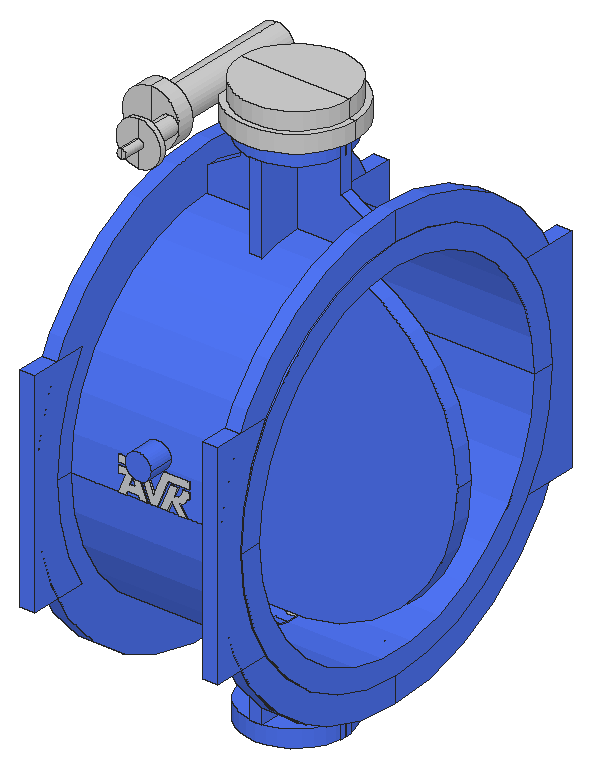
Revit family "756-102-IS5-DN700-800", category Pipe Accessories, Revit 2019
Family settings
  Round Connector Dimension = Use Diameter
  Part Type = Valve - Breaks Into
  Work Plane-Based = No
  Always vertical = Yes
  Cut with Voids When Loaded = No
  Shared = No
Parameters (values of type "DN0800_PN16")
  W2_Ref = size_lookup(Search_table, "W2_Ref", 0 mm, DN) / 2  # 155 mm
  T(Addon) = size_lookup(Search_table, "T(Addon)", 0 mm, DN)  # 670 mm
  Offset = size_lookup(Search_table, "Offset", 0 mm, DN)  # 3 mm
  GB_Width_Ref = size_lookup(Search_table, "GB_Width_Ref", 0 mm, DN)  # 157 mm
  GB_Width_3 = size_lookup(Search_table, "GB_Width", 0 mm, DN) / 2  # 140 mm
  GB_Ref = GB_HW_2 / 2.5  # 20.667 mm
  GB_HW_2 = GB_HW / 3  # 51.667 mm
  GB_HW = size_lookup(Search_table, "GB_HW", 0 mm, DN) / 2  # 155 mm
  Disc_width = if(DN > 999 mm, 50 mm, if(DN > 699 mm, 40 mm, if(DN > 499 mm, 35 mm, if(DN > 399 mm, 25 mm, if(DN > 349 mm, 20 mm, if(DN > 249 mm, 15 mm, if(DN > 149 mm, 10 mm, 10 mm)))))))  # 40 mm
  Disc_Dia = size_lookup(Search_table, "Disc_Dia", 0 mm, DN)  # 788.5 mm
  DN0800_PN16 = "756-0800-1-14102"
  DN0800_PN10 = "756-0800-1-04102"
  DN0700_PN16 = "756-0700-1-14102"
  DN0700_PN10 = "756-0700-1-04102"
  C_Rod = if(DN > 999 mm, 48 mm, if(DN > 699 mm, 38 mm, if(DN > 499 mm, 33 mm, if(DN > 399 mm, 23 mm, if(DN > 349 mm, 18 mm, if(DN > 249 mm, 13 mm, if(DN > 149 mm, 9 mm, 9 mm)))))))  # 38 mm
  C = size_lookup(Search_table, "C", 0 mm, DN)  # 349 mm
  W4 = size_lookup(Search_table, "W4", 0 mm, DN)  # 636 mm
  W3 = size_lookup(Search_table, "W3", 0 mm, DN)  # 627 mm
  W2 = size_lookup(Search_table, "W2", 0 mm, DN)  # 735 mm
  W1 = size_lookup(Search_table, "W1", 0 mm, DN)  # 513 mm
  URL_product_pages = "https://www.avkvalves.com/P.aspx?no=7560700104102"
  Rib_width_2 = Gear_box_Mount_Flange_width * 2  # 232 mm
  Rib_width = L - (Flange_Thickness * 2)  # 390 mm
  Rib_height_2 = H1 - Flange_OD  # 117.5 mm
  Rib_depth = if(DN > 999 mm, 40 mm, if(DN > 699 mm, 30 mm, if(DN > 399 mm, 20 mm, 20 mm)))  # 30 mm
  Rib_height = Flange_OD / 1.1  # 465.909 mm
  Rf_Dia = size_lookup(Search_table, "RF_Dia", 0 mm, DN) / 2  # 450 mm
  RF_Cut_Thickness = 5 mm  # constant formula
  Pin_width = L / 2  # 235 mm
  Pin_dia = 60 mm
  Pin_Depth = (DN + size_lookup(Search_table, "Flange_OD", 0 mm, DN)) / 2  # 912.55 mm
  L2 = size_lookup(Search_table, "L2", 0 mm, DN)  # 162 mm
  L1 = size_lookup(Search_table, "L1", 0 mm, DN)  # 156 mm
  L = size_lookup(Search_table, "L", 0 mm, DN)  # 470 mm
  ID (Radius) = DN / 2  # 400.05 mm
  H2 = size_lookup(Search_table, "H2", 0 mm, DN)  # 620 mm
  H1 = size_lookup(Search_table, "H1", 0 mm, DN)  # 630 mm
  Gear_box_depth = A - Body_wallthickness - 25 mm  # 278 mm
  GB_Width_2 = GB_Width_3 * 0.9  # 126 mm
  GB_Width = C - L / 2  # 114 mm
  GB_Flange = 5 mm  # constant formula
  GB_Dia = size_lookup(Search_table, "GB_Dia", 0 mm, DN) / 2  # 40.5 mm
  Flange_Thickness = size_lookup(Search_table, "Flange_Thickness", 0 mm, DN)  # 40 mm
  Flange_OD = size_lookup(Search_table, "Flange_OD", 0 mm, DN) / 2  # 512.5 mm
  Description_ = "AVK DOUBLE ECC. BUTTERFLY VALVE, LONG"
  DN = 800.1 mm
  Search_table = "756-102-IS5-DN700-800"
  D1 = size_lookup(Search_table, "D1", 0 mm, DN) / 2  # 10 mm
  Bottom_width = size_lookup(Search_table, "Bottom_width", 0 mm, DN)  # 492 mm
  Bottom_Depth = DN * 1.5  # 1200.15 mm
  Gear_box_Mount_width = size_lookup(Search_table, "Gear_box_Mount_width", 0 mm, DN) / 2  # 18 mm
  Gear_box_Mount_Flange_width = size_lookup(Search_table, "Gear_box_Mount_Flange_width", 0 mm, DN) / 2  # 116 mm
  Body_wallthickness = 10 mm  # constant formula
  B = size_lookup(Search_table, "B", 0 mm, DN)  # 670 mm
  A2 = A / 1.7  # 184.118 mm
  A = size_lookup(Search_table, "A", 0 mm, DN)  # 313 mm
Types (5, lengths in mm): name | W2_Ref | T(Addon) | GB_Width_Ref | GB_Width_3 | GB_Ref | GB_HW_2 | GB_HW | Disc_Dia | C | W4 | W3 | W2 | W1 | Rib_width_2 | Rib_width | Rib_height_2 | Rib_height | Rf_Dia | Pin_width | Pin_Depth | L2 | L1 | L | ID (Radius) | H2 | H1 | GB_Width_2 | GB_Width | GB_Dia | Flange_OD | DN | Bottom_width | Bottom_Depth | Gear_box_Mount_width | Gear_box_Mount_Flange_width | B
  (no name) | 155 | 670 | 157 | 140 | 20.667 | 51.667 | 155 | 788.5 | 349 | 636 | 627 | 735 | 513 | 232 | 390 | 117.5 | 465.909 | 450 | 235 | 912.55 | 162 | 156 | 470 | 400.05 | 620 | 630 | 126 | 114 | 40.5 | 512.5 | 800.1 | 492 | 1200.15 | 18 | 116 | 670
  DN0700_PN10 | 125 | 605 | 100 | 130 | 16.667 | 41.667 | 125 | 690 | 287 | 543 | 533 | 656 | 448 | 204 | 350 | 117.5 | 406.818 | 397 | 215 | 797.5 | 133 | 127 | 430 | 350 | 550 | 565 | 117 | 72 | 40 | 447.5 | 700 | 395 | 1050 | 15.5 | 102 | 605
  DN0700_PN16 | 110 | 600 | 143 | 130 | 16.667 | 41.667 | 125 | 690 | 329 | 543 | 533 | 656 | 455 | 214 | 350 | 105 | 413.636 | 397 | 215 | 805.05 | 133 | 127 | 430 | 350.05 | 550 | 560 | 117 | 114 | 40 | 455 | 700.1 | 427 | 1050.15 | 16.5 | 107 | 600
  DN0800_PN10 | 155 | 670 | 157 | 140 | 20.667 | 51.667 | 155 | 788.5 | 349 | 636 | 627 | 735 | 508 | 223 | 390 | 122.5 | 461.364 | 450 | 235 | 907.5 | 162 | 156 | 470 | 400 | 620 | 630 | 126 | 114 | 40.5 | 507.5 | 800 | 460 | 1200 | 17 | 111.5 | 670
  DN0800_PN16 | 155 | 670 | 157 | 140 | 20.667 | 51.667 | 155 | 788.5 | 349 | 636 | 627 | 735 | 513 | 232 | 390 | 117.5 | 465.909 | 450 | 235 | 912.55 | 162 | 156 | 470 | 400.05 | 620 | 630 | 126 | 114 | 40.5 | 512.5 | 800.1 | 492 | 1200.15 | 18 | 116 | 670
Reference planes
  plane 1 "Center (Front/Back)": y = 0
  plane 2: z = 0
  plane 3 "Center (Left/Right)": x = 0
  plane 4: y = 400.05
  plane 5: y = 410.05
  plane 6: x = 235
  plane 7: x = 195
  plane 8: x = -195
  plane 9: x = -235
  plane 10: z = 630
  plane 11: x = 116
  plane 12: z = 590
  plane 13: z = -620
  plane 14: x = 116
  plane 15: z = -580
  plane 16: x = 18
  plane 17: x = 116
  plane 18: x = -116
  plane 19: z = 630
  plane 20: z = 512.5
  plane 21: z = 400.05
  plane 22: x = 195
  plane 23: x = -195
  plane 24: z = 465.909
  plane 25: y = 15
  plane 26: y = -15
  plane 27: x = 116
  plane 28: x = -116
  plane 29: z = -620
  plane 30: z = -502.5
  plane 31: z = -400.05
  plane 32: x = 195
  plane 33: x = -195
  plane 34: z = -465.909
  plane 35: y = 116
  plane 36: y = -116
  plane 37: x = -15
  plane 38: x = 15
  plane 39: y = -172
  plane 40: z = -620
  plane 41: x = 18
  plane 42: y = 400.05
  plane 43: y = -400.05
  plane 44: y = 456.275
  plane 45: y = -456.275
  plane 46: z = 735
  plane 47: z = 670
  plane 48: y = -313
  plane 49: x = -114
  plane 50: x = -157
  plane 51: y = 20
  plane 52: y = -20
  plane 53: z = 670
  plane 54: z = 675
  plane 55: z = 665
  plane 56: z = 690.667
  plane 57: z = 649.333
  plane 58: x = -177
  plane 59: z = 318
  plane 60: z = 313.5
  plane 61: z = -318
  plane 62: z = -313.5
  plane 63: z = 1678
  plane 64: z = 1658
Forms (mm)
  Revolve 1, solid, material "Plastic"
    sketch origin (0, 0, 0) x (1, 0, 0) y (0, 1, 0)
      loop
        line (-195, 410.05) -> (-195, 512.5) -> (-235, 512.5) -> (-235, 400.05) -> (235, 400.05) -> (235, 512.5) -> (195, 512.5) -> (195, 410.05) -> (-195, 410.05)
      axis (-235, 0) -> (235, 0)
    angle from 0 to 360
  Revolve 2, solid, material "Plastic"
    sketch origin (0, 0, 0) x (1, 0, 0) y (0, 0, 1)
      loop
        line (18, 590) -> (116, 590) -> (116, 630) -> (0, 630) -> (0, 400.05) -> (18, 400.05) -> (18, 590)
      axis (0, 400.05) -> (0, 630)
    angle from 0 to 360
  Revolve 3, solid, material "Plastic"
    sketch origin (0, 0, 0) x (1, 0, 0) y (0, 0, -1)
      loop
        line (18, 400.05) -> (18, 580) -> (116, 580) -> (116, 620) -> (0, 620) -> (0, 400.05) -> (18, 400.05)
      axis (0, 400.05) -> (0, 620)
    angle from 0 to 360
  Extrusion 4, solid, material "Plastic"
    sketch origin (0, 0, 0) x (1, 0, 0) y (0, 0, 1)
      loop
        line (116, 630) -> (-116, 630) -> (-116, 512.5) -> (-195, 465.909) -> (-195, 400.05) -> (195, 400.05) -> (195, 465.909) -> (116, 512.5) -> (116, 630)
    from -15 to 15
  Extrusion 5, solid, material "Plastic"
    sketch origin (0, 0, 0) x (1, 0, 0) y (0, 0, 1)
      loop
        line (116, -620) -> (116, -502.5) -> (195, -465.909) -> (195, -400.05) -> (-195, -400.05) -> (-195, -465.909) -> (-116, -502.5) -> (-116, -620) -> (116, -620)
    from -15 to 15
  Extrusion 6, solid, material "Plastic"
    sketch origin (0, 0, 0) x (0, 1, 0) y (0, 0, 1)
      loop
        line (116, 590) -> (-116, 590) -> (-116, -580) -> (116, -580) -> (116, 590)
    from -15 to 15
  Extrusion 7, void
    sketch origin (0, 0, 0) x (0, 1, 0) y (0, 0, 1)
      loop
        circle (0, 0) r 400.05
    from -235 to 235
  Extrusion 8, solid, material "Plastic"
    sketch origin (0, 0, 0) x (1, 0, 0) y (0, 0, 1)
      loop
        circle (0, 100.904) r 30
    from -456.275 to -400.05
  Extrusion 9, solid, material "Plastic"
    sketch origin (0, 0, 0) x (1, 0, 0) y (0, 0, 1)
      loop
        circle (0, 100.904) r 30
    from 456.275 to 400.05
  Extrusion 10, solid, material "Stainless Steel AISI 304"
    sketch origin (0, 0, 0) x (1, 0, 0) y (0, 0, 1)
      loop
        line (-119, 690.667) -> (-119, 675) -> (-134.667, 675) -> (-134.667, 665) -> (-119, 665) -> (-119, 649.333) -> (-109, 649.333) -> (-109, 665) -> (-93.333, 665) -> (-93.333, 675) -> (-109, 675) -> (-109, 690.667) -> (-119, 690.667)
    from 278 to 303
  Revolve 11, solid, material "Stainless Steel AISI 304"
    sketch origin (0, 0, 0) x (1, 0, 0) y (0, 0, 1)
      loop
        line (0, 630) -> (140, 630) -> (140, 670) -> (0, 670) -> (0, 630)
      axis (0, 630) -> (0, 670)
    angle from 0 to 360
  Revolve 12, solid, material "Stainless Steel AISI 304"
    sketch origin (0, 0, 0) x (1, 0, 0) y (0, 0, 1)
      loop
        line (0, 670) -> (126, 670) -> (126, 710) -> (0, 710) -> (0, 670)
      axis (0, 670) -> (0, 710)
    angle from 0 to 360
  Revolve 13, solid, material "Stainless Steel AISI 304"
    sketch origin (-114, -1524, 167.638) x (0, 0, -1) y (0, -1, 0)
      loop
        line (-554.029, -1221) -> (-502.362, -1221) -> (-502.362, -1211) -> (-554.029, -1211) -> (-554.029, -1221)
      axis (-502.362, -1221) -> (-502.362, -1211)
    angle from 0 to 360
  Revolve 14, solid, material "Stainless Steel AISI 304"
    sketch origin (-114, -1524, 167.638) x (0, 0, -1) y (0, -1, 0)
      loop
        line (-523.029, -1299.882) -> (-502.362, -1299.882) -> (-502.362, -1246) -> (-523.029, -1246) -> (-523.029, -1299.882)
      axis (-502.362, -1299.882) -> (-502.362, -1246)
    angle from 0 to 360
  Revolve 15, solid, material "Stainless Steel AISI 304"
    sketch origin (-157, -1524, 508) x (0, 0, 1) y (0, -1, 0)
      loop
        line (162, -1664) -> (162, -1339.882) -> (122, -1339.882) -> (122, -1664) -> (162, -1664)
      axis (162, -1664) -> (162, -1339.882)
    angle from 0 to 360
  Revolve 16, solid, material "Stainless Steel AISI 304"
    sketch origin (-157, -1524, 508) x (0, 0, 1) y (0, -1, 0)
      loop
        line (162, -1339.882) -> (227, -1339.882) -> (227, -1299.882) -> (162, -1299.882) -> (162, -1339.882)
      axis (162, -1339.882) -> (162, -1299.882)
    angle from 0 to 360
  Revolve 17, solid, material "Stainless Steel AISI 304"
    sketch origin (-114, -1524, 167.638) x (0, 0, -1) y (0, -1, 0)
      loop
        line (-502.362, -1211) -> (-502.362, -1161) -> (-512.362, -1161) -> (-512.362, -1211) -> (-502.362, -1211)
      axis (-502.362, -1161) -> (-502.362, -1211)
    angle from 0 to 360
  Extrusion 18, solid, material "Plastic(1)"
    sketch origin (0, 0, 0) x (1, 0, 0) y (0, 0, 1)
      loop
        circle (-3, 0) r 394.25
    from -20 to 20
  Extrusion 19, solid
    sketch origin (0, 0, 0) x (1, 0, 0) y (0, 1, 0)
      loop
        circle (0, 0) r 19
    from -620 to 630
  Revolve 20, void
    sketch origin (0, 0, 0) x (1, 0, 0) y (0, 0, 1)
      loop
        line (235, 512.5) -> (230, 512.5) -> (230, 450) -> (235, 450) -> (235, 512.5)
      loop
        line (-235, 512.5) -> (-235, 450) -> (-230, 450) -> (-230, 512.5) -> (-235, 512.5)
      axis (-235, 0) -> (235, 0)
    angle from 0 to 360
  Extrusion 21, solid, material "Plastic"
    sketch origin (-114, -1524, 167.638) x (0, 0, -1) y (0, -1, 0)
      loop
        line (413.638, -1147.192) -> (413.638, -1011) -> (-78.362, -1011) -> (-78.362, -1147.192)
        arc (-78.362, -1147.192) -> (167.638, -1074) -> (413.638, -1147.192) r 450
      loop
        line (-78.362, -1900.808) -> (-78.362, -2037) -> (413.638, -2037) -> (413.638, -1900.808)
        arc (413.638, -1900.808) -> (167.638, -1974) -> (-78.362, -1900.808) r 450
    from 81 to 116
  Extrusion 22, solid, material "Plastic"
    sketch origin (-114, -1524, 167.638) x (0, 0, -1) y (0, -1, 0)
      loop
        line (-78.362, -1900.808) -> (-78.362, -2037) -> (413.638, -2037) -> (413.638, -1900.808)
        arc (413.638, -1900.808) -> (167.638, -1974) -> (-78.362, -1900.808) r 450
      loop
        line (-78.362, -1011) -> (-78.362, -1147.192)
        arc (-78.362, -1147.192) -> (167.638, -1074) -> (413.638, -1147.192) r 450
        line (413.638, -1147.192) -> (413.638, -1011) -> (-78.362, -1011)
    from -344 to -309
Cuts and joins
  Extrusion 7, Revolve 20 cuts Revolve 1
  Extrusion 7 cuts Extrusion 6
Dimensions and locks
  equal spacing: plane 9, plane 3 "Center (Left/Right)", plane 6
  "L": plane 9 to plane 6
  "ID (Radius)": plane 4 to plane 1 "Center (Front/Back)"
  "Body_wallthickness": plane 5 to plane 4
  "Flange_Thickness": plane 7 to plane 6
  "Flange_Thickness": plane 9 to plane 8
  "Flange_OD": plane 1 "Center (Front/Back)" to Revolve 1 sketch curve
  "Flange_Thickness": plane 10 to plane 12
  "ID (Radius)": Revolve 2 sketch curve to level
  "Gear_box_Mount_Flange_width": plane 3 "Center (Left/Right)" to plane 11
  "Flange_Thickness": plane 13 to plane 15
  "H2": level to plane 13
  "ID (Radius)": level to Revolve 3 sketch curve
  "ID (Radius)": plane 21 to level
  "H1": plane 19 to level
  "Gear_box_Mount_Flange_width": plane 3 "Center (Left/Right)" to plane 17
  "Gear_box_Mount_Flange_width": plane 18 to plane 3 "Center (Left/Right)"
  "Rib_height": plane 24 to level
  equal spacing: plane 25, plane 1 "Center (Front/Back)", plane 26
  "Rib_depth": plane 25 to plane 26
  equal spacing: plane 22, plane 3 "Center (Left/Right)", plane 23
  "Rib_width": plane 22 to plane 23
  "Rib_height_2": plane 19 to plane 20
  "Rib_height_2": plane 29 to plane 30
  "Rib_height": level to plane 34
  "Gear_box_Mount_Flange_width": plane 28 to plane 3 "Center (Left/Right)"
  "Gear_box_Mount_Flange_width": plane 3 "Center (Left/Right)" to plane 27
  "ID (Radius)": level to plane 31
  "H2": level to plane 29
  equal spacing: plane 32, plane 3 "Center (Left/Right)", plane 33
  "Rib_width": plane 32 to plane 33
  equal spacing: plane 35, plane 1 "Center (Front/Back)", plane 36
  equal spacing: plane 37, plane 3 "Center (Left/Right)", plane 38
  "Rib_depth": plane 37 to plane 38
  "Rib_width_2": plane 35 to plane 36
  locked: plane 1 "Center (Front/Back)" to plane 39 at 172
  "H2": level to plane 40
  "Gear_box_Mount_width": plane 41 to plane 3 "Center (Left/Right)"
  "Gear_box_Mount_width": plane 3 "Center (Left/Right)" to plane 16
  "Gear_box_Mount_Flange_width": plane 3 "Center (Left/Right)" to plane 14
  equal spacing: plane 42, plane 1 "Center (Front/Back)", plane 43
  "DN": plane 42 to plane 43
  equal spacing: plane 44, plane 1 "Center (Front/Back)", plane 45
  "Pin_Depth": plane 44 to plane 45
  "W2": plane 46 to level
  "H1": plane 10 to level
  "T(Addon)": plane 47 to level
  "A": plane 1 "Center (Front/Back)" to plane 48
  "GB_Width_3": Revolve 11 sketch curve to Revolve 11 sketch curve
  "GB_Width_2": Revolve 12 sketch curve to plane 3 "Center (Left/Right)"
  equal spacing: Revolve 12 sketch curve, plane 47, Revolve 11
  "GB_Width": plane 3 "Center (Left/Right)" to plane 49
  "Body_wallthickness": Revolve 13 sketch curve to Revolve 13 sketch curve
  cut or joined group of Revolve 1, Extrusion 7, Revolve 20 to cut or joined group of Revolve 1, Extrusion 7, Revolve 20 = 470 mm
  "C": plane 49 to cut or joined group of Revolve 1, Extrusion 7, Revolve 20
  "Gear_box_depth": plane 1 "Center (Front/Back)" to Revolve 14 sketch curve
  "GB_HW_2": Revolve 13 sketch curve to Revolve 13 sketch curve
  "GB_Width_Ref": plane 3 "Center (Left/Right)" to plane 50
  "GB_Width_3": Revolve 15 sketch curve to plane 1 "Center (Front/Back)"
  "Flange_Thickness": Revolve 15 to Revolve 16 sketch curve
  "A2": plane 1 "Center (Front/Back)" to Revolve 15 sketch curve
  "D1": Revolve 17 sketch curve to Revolve 17 sketch curve
  locked: Revolve 17 sketch curve to Revolve 17 sketch curve at 50
  "Offset": plane 3 "Center (Left/Right)" to Extrusion 18 sketch curve
  equal spacing: plane 51, plane 1 "Center (Front/Back)", plane 52
  "Disc_width": plane 51 to plane 52
  equal spacing: plane 42, Extrusion 19 sketch curve, plane 43
  equal spacing: cut or joined group of Revolve 1, Extrusion 7, Revolve 20, plane 3 "Center (Left/Right)", cut or joined group of Revolve 1, Extrusion 7, Revolve 20
  Extrusion 18 to cut or joined group of Revolve 1, Extrusion 7, Revolve 20 = 162.25 mm
  cut or joined group of Revolve 1, Extrusion 7, Revolve 20 to Extrusion 18 = 156.25 mm
  "Rf_Dia": Revolve 20 sketch curve to level
  "Flange_OD": Revolve 20 sketch curve to level
  "RF_Cut_Thickness": Revolve 20 sketch curve to cut or joined group of Revolve 1, Extrusion 7, Revolve 20
  "RF_Cut_Thickness": cut or joined group of Revolve 1, Extrusion 7, Revolve 20 to Revolve 20 sketch curve
  equal spacing: Extrusion 21 sketch curve, level, Extrusion 21 sketch curve  (x2)
  "Bottom_width": Extrusion 21 sketch curve to Extrusion 21 sketch curve  (x2)
  "W1": plane 1 "Center (Front/Back)" to Extrusion 21 sketch curve
  "W1": Extrusion 21 sketch curve to plane 1 "Center (Front/Back)"
  "GB_Ref": Revolve 14 sketch curve to Revolve 14 sketch curve
  "W1": plane 1 "Center (Front/Back)" to Extrusion 21
  "B": level to Revolve 14 sketch curve
  "B": level to Revolve 13 sketch curve
  "B": level to Revolve 17 sketch curve
  "B": plane 53 to level
  equal spacing: plane 56, plane 53, plane 57
  "GB_Ref": plane 56 to plane 53
  equal spacing: plane 54, plane 53, plane 55
  "Body_wallthickness": plane 54 to plane 55
  equal spacing: Extrusion 10 sketch curve, plane 49, Extrusion 10 sketch curve  (x2)
  "Body_wallthickness": Extrusion 10 sketch curve to Extrusion 10 sketch curve
  "GB_Ref": plane 49 to Extrusion 10 sketch curve
  "W4": plane 59 to plane 61
  "W3": plane 60 to plane 62
  equal spacing: plane 59, level, plane 61
  equal spacing: plane 60, level, plane 62
  "Pin_dia": diameter of Extrusion 8 sketch curve
  "Disc_Dia": diameter of Extrusion 18 sketch curve
  "C_Rod": diameter of Extrusion 19 sketch curve
  aligned and locked: level to plane 2
  aligned and locked: Revolve 1 sketch curve to plane 4
  aligned and locked: plane 5 to Revolve 1 sketch curve
  aligned and locked: Revolve 1 sketch curve to plane 6
  aligned and locked: Revolve 1 sketch curve to plane 7
  aligned and locked: Revolve 1 sketch curve to plane 8
  aligned and locked: Revolve 1 sketch curve to plane 9
  aligned and locked: Revolve 1 sketch curve to Revolve 1 sketch curve
  aligned and locked: plane 1 "Center (Front/Back)" to Revolve 1 sketch curve
  aligned and locked: Revolve 2 sketch curve to Revolve 2 sketch curve
  aligned and locked: plane 10 to Revolve 2 sketch curve
  aligned and locked: Revolve 2 sketch curve to plane 11  (x2)
  aligned and locked: Revolve 2 sketch curve to plane 12
  aligned and locked: Revolve 2 sketch curve to plane 3 "Center (Left/Right)"
  aligned and locked: Revolve 3 sketch curve to plane 14
  aligned and locked: plane 13 to Revolve 3 sketch curve
  aligned and locked: Extrusion 4 sketch curve to plane 17  (x2)
  aligned and locked: Extrusion 4 sketch curve to plane 19
  aligned and locked: Extrusion 4 sketch curve to plane 18  (x2)
  aligned and locked: plane 19 to Extrusion 4 sketch curve
  aligned and locked: Extrusion 4 sketch curve to plane 20
  aligned and locked: plane 20 to Extrusion 4 sketch curve
  aligned and locked: Extrusion 4 sketch curve to plane 24
  aligned and locked: plane 22 to Extrusion 4 sketch curve  (x2)
  aligned and locked: plane 24 to Extrusion 4 sketch curve
  aligned and locked: plane 23 to Extrusion 4 sketch curve  (x2)
  aligned and locked: plane 21 to Extrusion 4 sketch curve
  aligned and locked: Extrusion 4 to plane 25
  aligned and locked: plane 26 to Extrusion 4
  aligned and locked: Extrusion 5 sketch curve to plane 27  (x2)
  aligned and locked: plane 32 to Extrusion 5 sketch curve  (x2)
  aligned and locked: plane 33 to Extrusion 5 sketch curve  (x2)
  aligned and locked: plane 31 to Extrusion 5 sketch curve  (x2)
  aligned and locked: Extrusion 5 sketch curve to plane 34
  aligned and locked: plane 28 to Extrusion 5 sketch curve  (x2)
  aligned and locked: Extrusion 5 sketch curve to plane 30
  aligned and locked: plane 30 to Extrusion 5 sketch curve
  aligned and locked: Extrusion 5 sketch curve to plane 29
  aligned and locked: plane 29 to Extrusion 5 sketch curve
  aligned and locked: plane 34 to Extrusion 5 sketch curve
  aligned and locked: plane 35 to Extrusion 6 sketch curve
  aligned and locked: Extrusion 6 sketch curve to plane 36
  aligned and locked: Extrusion 6 sketch curve to Revolve 2
  aligned and locked: Extrusion 6 to plane 38
  aligned and locked: Extrusion 6 to plane 37
  aligned and locked: Extrusion 7 sketch curve to Revolve 1  (x2)
  aligned and locked: Revolve 2 sketch curve to plane 41  (x2)
  aligned and locked: plane 16 to Revolve 3 sketch curve
  aligned and locked: plane 15 to Revolve 3 sketch curve  (x2)
  aligned and locked: plane 3 "Center (Left/Right)" to Revolve 3 sketch curve
  aligned and locked: Revolve 3 sketch curve to plane 3 "Center (Left/Right)"
  aligned and locked: Revolve 3 sketch curve to Revolve 3 sketch curve
  aligned and locked: plane 14 to Revolve 3 sketch curve
  aligned and locked: Extrusion 8 to plane 42
  aligned and locked: Extrusion 9 sketch curve to Extrusion 8  (x2)
  aligned and locked: plane 43 to Extrusion 9
  aligned and locked: Extrusion 8 to plane 44
  aligned and locked: plane 45 to Extrusion 9
  aligned and locked: Extrusion 7 to Revolve 1  (x2)
  aligned and locked: plane 47 to Revolve 11 sketch curve
  aligned and locked: plane 3 "Center (Left/Right)" to Revolve 11 sketch curve
  aligned and locked: Revolve 12 sketch curve to plane 3 "Center (Left/Right)"
  aligned and locked: Revolve 12 sketch curve to Revolve 11
  aligned and locked: Revolve 12 sketch curve to Revolve 12 sketch curve
  aligned and locked: plane 48 to Revolve 13 sketch curve
  aligned and locked: Revolve 13 sketch curve to Revolve 13 sketch curve
  aligned and locked: Extrusion 10 to Revolve 13
  aligned and locked: Revolve 11 sketch curve to Revolve 2
  aligned and locked: Revolve 14 sketch curve to Revolve 14 sketch curve
  aligned and locked: Revolve 14 to Extrusion 10
  aligned and locked: Revolve 15 sketch curve to Revolve 11  (x2)
  aligned and locked: Revolve 15 sketch curve to Revolve 15 sketch curve
  aligned and locked: Revolve 16 sketch curve to Revolve 15
  aligned and locked: Revolve 16 sketch curve to plane 47
  aligned and locked: Revolve 16 sketch curve to Revolve 16 sketch curve
  aligned and locked: Revolve 16 to Revolve 14 sketch curve
  aligned and locked: Revolve 13 to Revolve 17 sketch curve
  aligned and locked: Revolve 17 sketch curve to Revolve 17 sketch curve
  aligned and locked: Extrusion 18 to plane 51
  aligned and locked: Extrusion 18 to plane 52
  aligned and locked: Revolve 2 to Extrusion 19
  aligned and locked: Revolve 20 sketch curve to cut or joined group of Revolve 1, Extrusion 7, Revolve 20  (x2)
  aligned and locked: Revolve 20 sketch curve to Revolve 20 sketch curve  (x2)
  aligned and locked: Revolve 20 sketch curve to plane 2
  aligned and locked: Extrusion 5 to plane 26
  aligned and locked: plane 25 to Extrusion 5
  aligned and locked: plane 3 "Center (Left/Right)" to nested 1
  aligned and locked: Extrusion 21 sketch curve to cut or joined group of Revolve 1, Extrusion 7, Revolve 20  (x2)
  aligned and locked: cut or joined group of Revolve 1, Extrusion 7, Revolve 20 to Extrusion 21
  aligned and locked: Extrusion 21 to Extrusion 4
  aligned and locked: Extrusion 22 sketch curve to Extrusion 21  (x8)
  aligned and locked: Extrusion 22 to cut or joined group of Revolve 1, Extrusion 7, Revolve 20
  aligned and locked: Extrusion 4 to Extrusion 22
  aligned and locked: Extrusion 10 sketch curve to plane 56  (x2)
  aligned and locked: Extrusion 10 sketch curve to plane 57  (x2)
  aligned and locked: plane 54 to Extrusion 10 sketch curve
  aligned and locked: Extrusion 10 sketch curve to plane 54
  aligned and locked: plane 55 to Extrusion 10 sketch curve
  aligned and locked: Extrusion 10 sketch curve to plane 55
  aligned and locked: Extrusion 10 sketch curve to Extrusion 10 sketch curve  (x4)
  aligned and locked: plane 46 to Revolve 16 sketch curve
  aligned and locked: Extrusion 6 to Revolve 3
  aligned and locked: Extrusion 19 to plane 40
Automatic sketch dimensions
  Extrusion 8 sketch curve to plane 3 "Center (Left/Right)" = 0 mm
  level to Extrusion 8 sketch curve = 100.904 mm
  Revolve 1 sketch curve to plane 50 = 1.667 mm
  Revolve 1 sketch curve to plane 38 = 19.183 mm
  Revolve 2 sketch curve to plane 46 = 0.25 mm
  Revolve 2 sketch curve to plane 64 = 0.5 mm
  Revolve 3 sketch curve to plane 13 = 22.75 mm
  Revolve 3 sketch curve to Revolve 3 sketch curve = 3.75 mm
  plane 40 to Extrusion 6 sketch curve = 40 mm
  Revolve 11 sketch curve to plane 3 "Center (Left/Right)" = 0 mm
  Revolve 11 sketch curve to plane 47 = 3.603 mm
  Revolve 11 sketch curve to plane 47 = 0.603 mm
  Revolve 12 sketch curve to plane 60 = 2.687 mm
  plane 63 to Revolve 12 sketch curve = 3.204 mm
  Revolve 13 sketch curve to Revolve 13 sketch curve = 2.702 mm
  Revolve 13 sketch curve to Revolve 13 sketch curve = 2.298 mm
  plane 39 to Revolve 14 sketch curve = 20.5 mm
  Revolve 14 sketch curve to Revolve 14 sketch curve = 4.74 mm
  Revolve 15 sketch curve to plane 51 = 15 mm
  plane 52 to Revolve 15 sketch curve = 50 mm
  Revolve 16 sketch curve to Revolve 16 sketch curve = 5 mm
  Revolve 16 sketch curve to Revolve 16 sketch curve = 15 mm
  plane 43 to Revolve 17 sketch curve = 4 mm
  plane 45 to Revolve 17 sketch curve = 17 mm
  Extrusion 18 sketch curve to level = 0 mm
  Extrusion 19 sketch curve to plane 3 "Center (Left/Right)" = 0 mm
  plane 37 to Revolve 20 sketch curve = 1.833 mm
  Revolve 20 sketch curve to plane 38 = 95 mm
Nested families
  nested 1: "LOGO 600" at (0, -410.05, 0.003) x (1, 0, 0) z (0, -1, 0), type "LOGO 600"
Connectors
  piping at (235, 0, 0), diameter 800.1, driven by "DN"
    settings: on Revolve 1, index 1, connector inside diameter 609.6 mm, connector length 0 mm, flow factor 0, pipe flow 0.0 L/s, pressure drop 0.0 Pa, fitting loss kfactor 0, connector angle 0.00°, fixture units 0, engagement length 0 mm, angle of deflection 0.00°, flow configuration 0, flow direction 0, fitting loss method 0, system type 7, joint type 0, gender type 0, connector reference index -1, connector utility 0, adjustable connector no, is connector primary yes, connector description ""
  piping at (-235, 0, 0), diameter 800.1, driven by "DN"
    settings: on Revolve 1, index 2, connector inside diameter 609.6 mm, connector length 0 mm, flow factor 0, pipe flow 0.0 L/s, pressure drop 0.0 Pa, fitting loss kfactor 0, connector angle 0.00°, fixture units 0, engagement length 0 mm, angle of deflection 0.00°, flow configuration 0, flow direction 0, fitting loss method 0, system type 7, joint type 0, gender type 0, connector reference index -1, connector utility 0, adjustable connector no, is connector primary no, connector description ""
Definition of nested family "LOGO 600"
  Parameters (values of type "LOGO 600")
    Default Elevation = 1219.2 mm
    DN600 = yes
  Reference planes
    plane 1 "Center (Front/Back)": y = 0
    plane 2: z = 0
    plane 3 "Center (Left/Right)": x = 0
  Forms (mm)
    Extrusion 1, solid
      sketch origin (0, 0, 0) x (1, 0, 0) y (0, 1, 0)
        loop
          line (-1219.2, 1219.2) -> (-1219.2, -1219.2) -> (1219.2, -1219.2) -> (1219.2, 1219.2) -> (-1219.2, 1219.2)
      from 0 to -304.8
    Extrusion 2, solid, visible <- "DN600"
      sketch origin (0, 0, 0) x (1, 0, 0) y (0, 1, 0)
        loop
          line (-22.357, 78.446) -> (-82.368, 78.446) -> (-82.368, 62.168) -> (-33.516, 62.168) -> (-8.205, 0) -> (8.205, 0) -> (33.516, 62.168) -> (82.368, 62.168) -> (82.368, 78.446) -> (22.357, 78.446) -> (0, 23.534) -> (-22.357, 78.446)
        loop
          line (-37.737, 55.893) -> (-82.368, 55.893) -> (-82.368, 40.203) -> (-66.935, 40.203) -> (-82.368, 0) -> (-64.932, 0) -> (-61.62, 8.629) -> (-36.069, 8.629) -> (-32.556, 0) -> (-14.981, 0) -> (-37.737, 55.893)
        loop
          line (-57.579, 23.534) -> (-42.137, 23.534) -> (-50.086, 43.055) -> (-57.579, 23.534)
        loop
          line (55.312, 55.893) -> (37.737, 55.893) -> (14.981, 0) -> (32.556, 0) -> (41.503, 21.977) -> (58.064, 0) -> (78.446, 0) -> (59.714, 24.857)
          arc (59.714, 24.857) -> (70.64, 30.248) -> (77.661, 40.203) r 24.71
          line (77.661, 40.203) -> (82.368, 40.203) -> (82.368, 55.893) -> (66.679, 55.893)
          arc (66.679, 55.893) -> (60.961, 41.731) -> (47.013, 35.51) r 20.396
          line (47.013, 35.51) -> (55.312, 55.893)
      from 0 to 1
  Dimensions and locks
    aligned and locked: plane 2 to Extrusion 1
    aligned and locked: level to Extrusion 1
